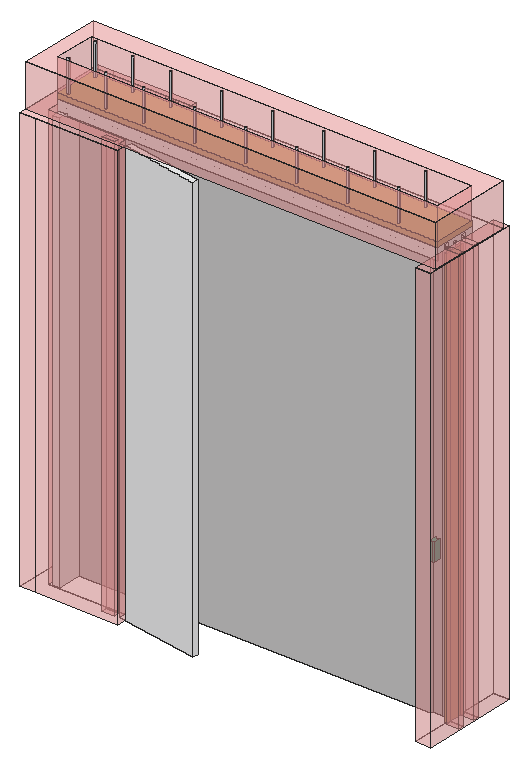
Revit family "Doors-Sliding_WON-DOOR_DuraSound_Manual_Floating_N", category Doors, host Wall, Revit 2020 (continued)
Nested families (in)
  nested 12: "Second Part" at (37.12234, 0, 0) x (-1, 0, 0) z (0, 0, 1), Open <- "Open", Backing Profile <- "Backing Profile Clearance ( by other )", Wall Construction <- "Wall Construction Clearance ( by other )", Stack Depth <- "Stack Depth", Double Door <- "Double Door", Single Door <- "Single Door", type "Second Part"
    with Wall for Single yes, Wall for Double no, Wall Construction yes, Stack Depth 1' - 11 1/4", Single Door yes, Open no, Geomentry for Double no, Double Door no, Door for Double no, Closed yes, Backing for Single yes, Backing for Double no, Backing Profile yes
  nested 13: "Rod_element" at (-37.375, 0, 123.125), type "Rod_element"
    with Rod Height 0' - 8 7/8"
  nested 14: "Rod_element" at (-12.35, 0, 123.125), type "Rod_element"
    with Rod Height 0' - 8 7/8"
  nested 15: "Rod_element" at (2.05, 0, 123.125), type "Rod_element"
    with Rod Height 0' - 8 7/8"
  nested 16: "Rod_element" at (16.45, 0, 123.125), type "Rod_element"
    with Rod Height 0' - 8 7/8"
  nested 17: "Rod_element" at (30.85, 0, 123.125), type "Rod_element"
    with Rod Height 0' - 8 7/8"
Definition of nested family "First Part Door"
  Parameters (values of type "First Part")
    Wall Construction [instance] = yes
    Trim Height [instance] = Height - 0' 1 3/8"  # 6' - 10 5/8"
    Stack Depth [instance] = 2' - 0"
    Open [instance] = yes
    Height [instance] = 7' - 0"
    Door Material [instance] = none
    Default Elevation = 4' - 0"
    Closed [instance] = not(Open)  # no
    Backing Profile [instance] = yes
  Reference planes (in)
    plane 1 "Center (Front/Back)": y = 0
    plane 2: z = 0
    plane 3: x = 0
    plane 4: x = -20.875
    plane 5: z = 84
    plane 6: z = 102.80246
    plane 7: z = 82.625
    plane 8: z = 39.5
    plane 9: z = 44.5
    plane 10 "Center (Left/Right)": x = 3.125
  Forms (in)
    Extrusion 1, solid
      sketch origin (-20.875, 17, 0) x (0, -1, 0) y (1, 0, 0)
        loop
          line (8.5, 0.5) -> (25.5, 0.5) -> (25.5, 2.5) -> (8.5, 2.5) -> (8.5, 0.5)
      from 0 to 82.625
    Extrusion 2, solid, material <- "Door Material", visible <- "Open", detail levels coarse
      sketch origin (-20.875, 17, 0) x (0, -1, 0) y (1, 0, 0)
        loop
          line (15.4375, 3.625) -> (15.4375, 2.5) -> (18.5625, 2.5) -> (18.5625, 3.625) -> (22.875, 3.625) -> (22.875, 22) -> (11.125, 22) -> (11.125, 3.625) -> (15.4375, 3.625)
      from 0 to 84
    Extrusion 3, solid, material <- "Door Material", visible <- "Open", detail levels fine
      sketch origin (0, 0, 0) x (1, 0, 0) y (0, 1, 0)
        loop
          line (-17.25, 1.5625) -> (-18.375, 1.5625) -> (-18.375, -1.5625) -> (-17.25, -1.5625) -> (-17.25, -5.875) -> (-3, -5.875) -> (-3, -0.875) -> (-0.08512, -0.875) -> (-0.08512, -1) -> (1.125, -1) -> (1.125, -0.875) -> (0, -0.875) -> (0, 0.875) -> (1.125, 0.875) -> (1.125, 1) -> (-0.08512, 1) -> (-0.08512, 0.875) -> (-3, 0.875) -> (-3, 5.875) -> (-17.25, 5.875) -> (-17.25, 1.5625)
      from 0 to 84
    Extrusion 4, solid, material <- "Door Material", visible <- "Open", detail levels medium
      sketch origin (0, 0, 0) x (1, 0, 0) y (0, 1, 0)
        loop
          line (-17.25, 5.875) -> (-17.25, 1.5625) -> (-18.375, 1.5625) -> (-18.375, -1.5625) -> (-17.25, -1.5625) -> (-17.25, -5.875) -> (-3, -5.875) -> (-3, -1) -> (1.125, -1) -> (1.125, 1) -> (-3, 1) -> (-3, 5.875) -> (-17.25, 5.875)
      from 0 to 84
    Extrusion 5, solid, visible <- "Open", detail levels medium
      sketch origin (0, 0, 0) x (1, 0, 0) y (0, 1, 0)
        loop
          line (-2.125, 1) -> (-1.125, 1) -> (-1.125, 3) -> (-2.125, 3) -> (-2.125, 1)
        loop
          line (-2.125, -1) -> (-2.125, -3) -> (-1.125, -3) -> (-1.125, -1) -> (-2.125, -1)
      from 39.5 to 44.5
    Extrusion 6, solid, visible <- "Open", detail levels fine
      sketch origin (0, 0, 0) x (1, 0, 0) y (0, 1, 0)
        loop
          line (-2.125, 0.875) -> (-1.125, 0.875) -> (-1.125, 2.675)
          arc (-1.125, 2.675) -> (-1.18358, 2.81642) -> (-1.325, 2.875) r 0.2
          line (-1.325, 2.875) -> (-1.925, 2.875)
          arc (-1.925, 2.875) -> (-2.06642, 2.81642) -> (-2.125, 2.675) r 0.2
          line (-2.125, 2.675) -> (-2.125, 0.875)
        loop
          line (-2.125, -0.875) -> (-2.125, -2.675)
          arc (-2.125, -2.675) -> (-2.06642, -2.81642) -> (-1.925, -2.875) r 0.2
          line (-1.925, -2.875) -> (-1.325, -2.875)
          arc (-1.325, -2.875) -> (-1.18358, -2.81642) -> (-1.125, -2.675) r 0.2
          line (-1.125, -2.675) -> (-1.125, -0.875) -> (-2.125, -0.875)
      from 39.5 to 44.5
    Extrusion 7, solid, visible <- "Wall Construction"
      sketch origin (0, 0, 0) x (1, 0, 0) y (0, 1, 0)
        loop
          line (1.5, 11) -> (3.125, 11) -> (3.125, 13.875) -> (-20.875, 13.875) -> (-25.25, 13.875) -> (-25.25, -13.875) -> (-20.875, -13.875) -> (3.125, -13.875) -> (3.125, -11) -> (1.5, -11) -> (1.5, -9) -> (-20.875, -9) -> (-20.875, 9) -> (1.5, 9) -> (1.5, 11)
      from 0 to 84
    Extrusion 8, solid, visible <- "Open"
      sketch origin (0, 0, 0) x (1, 0, 0) y (0, 1, 0)
        loop
          line (3.125, -11) -> (3.125, 11) -> (1.5, 11) -> (1.5, -11) -> (3.125, -11)
      from 0 to 84
    Extrusion 9, solid, visible <- "Closed"
      sketch origin (0, 0, 0) x (1, 0, 0) y (0, 1, 0)
        loop
          line (24.8275, -14.60579) -> (25.09383, -13.00276) -> (3.39134, -9.39697) -> (3.125, -11) -> (24.8275, -14.60579)
      from 0 to 84
    Extrusion 10, solid, visible <- "Backing Profile"
      sketch origin (0, 0, 0) x (1, 0, 0) y (0, 1, 0)
        loop
          line (-3.5, 11.25) -> (-3.5, 9.625) -> (0.125, 9.625) -> (0.125, 11.25) -> (-3.5, 11.25)
        loop
          line (-3.5, -9.625) -> (-3.5, -11.25) -> (0.125, -11.25) -> (0.125, -9.625) -> (-3.5, -9.625)
      from 0 to 84
  Lines and regions (in)
    reference lines
      curve 1: line (-20.875, 17, 0) -> (-20.875, 0, 0)
  Dimensions and locks (in)
    locked: curve 1 to curve 1 at 17
    "Height": plane 5 to level
    plane 6 to plane 5 = 1' - 6.80246"
    locked: Extrusion 2 sketch curve to Extrusion 2 sketch curve at 1.125  (x2)
    "Trim Height": plane 7 to plane 2
    locked: Extrusion 4 sketch curve to Extrusion 4 sketch curve at 1.125  (x2)
    locked: plane 3 to Extrusion 2 sketch curve at 1.125
    locked: plane 3 to Extrusion 4 sketch curve at 1.125
    locked: plane 3 to Extrusion 3 sketch curve at 1.125  (x2)
    locked: Extrusion 3 sketch curve to plane 3 at 3  (x2)
    locked: Extrusion 3 sketch curve to plane 3 at 0.08512  (x2)
    locked: Extrusion 5 sketch curve to Extrusion 5 sketch curve at 1  (x2)
    Extrusion 5 sketch curve to Extrusion 5 sketch curve to Extrusion 5 sketch curve to Extrusion 5 sketch curve = 0' - 2" locked, 0' - 2" locked, 0' - 2" locked
    locked: Extrusion 5 sketch curve to plane 3 at 1.125  (x2)
    locked: plane 9 to plane 8 at 5
    locked: plane 8 to level at 39.5
    locked: Extrusion 6 sketch curve to Extrusion 6 sketch curve at 1  (x2)
    Extrusion 6 sketch curve to Extrusion 6 sketch curve to Extrusion 6 sketch curve to Extrusion 6 sketch curve = 0' - 2" locked, 0' - 1 3/4" locked, 0' - 2" locked
    locked: Extrusion 6 sketch curve to plane 3 at 1.125  (x2)
    Extrusion 6 sketch curve to Extrusion 6 sketch curve to Extrusion 6 sketch curve = 0' - 0.2" locked, 0' - 0.6" locked  (x2)
    locked: Extrusion 6 sketch curve to Extrusion 6 sketch curve at 0.2  (x4)
    "Stack Depth": plane 4 to plane 10 "Center (Left/Right)"
    locked: Extrusion 1 sketch curve to Extrusion 1 sketch curve at 2
    locked: plane 4 to Extrusion 4 sketch curve at 2.5
    locked: Extrusion 3 sketch curve to Extrusion 3 sketch curve at 1.125  (x2)
    locked: plane 4 to Extrusion 3 sketch curve at 2.5
    locked: plane 4 to Extrusion 2 sketch curve at 2.5
    locked: Extrusion 7 sketch curve to plane 10 "Center (Left/Right)" at 1.625  (x2)
    locked: Extrusion 7 sketch curve to plane 4 at 4.375
    locked: Extrusion 8 sketch curve to Extrusion 8 sketch curve at 1.625
    locked: plane 10 "Center (Left/Right)" to Extrusion 9 sketch curve at 0.26634
    locked: plane 10 "Center (Left/Right)" to Extrusion 9 sketch curve at 21.7025
    locked: plane 10 "Center (Left/Right)" to Extrusion 9 sketch curve at 21.96883
    Extrusion 10 sketch curve to Extrusion 10 sketch curve to plane 10 "Center (Left/Right)" = 0' - 3 5/8" locked, 0' - 3" locked  (x2)
    aligned and locked: plane 2 to level
    aligned and locked: curve 1 to plane 4
    aligned and locked: plane 1 "Center (Front/Back)" to curve 1
    aligned and locked: plane 7 to Extrusion 1
    aligned and locked: Extrusion 3 sketch curve to plane 3
    aligned and locked: Extrusion 3 to level
    aligned and locked: plane 5 to Extrusion 3
    aligned and locked: plane 5 to Extrusion 4
    aligned and locked: Extrusion 4 to level
    aligned and locked: plane 9 to Extrusion 5
    aligned and locked: Extrusion 5 to plane 8
    aligned and locked: plane 9 to Extrusion 6
    aligned and locked: Extrusion 6 to plane 8
    aligned and locked: plane 5 to Extrusion 2
    aligned and locked: plane 10 "Center (Left/Right)" to Extrusion 7 sketch curve  (x2)
    aligned and locked: plane 4 to Extrusion 7 sketch curve
    aligned and locked: plane 10 "Center (Left/Right)" to Extrusion 8 sketch curve
    aligned and locked: plane 10 "Center (Left/Right)" to Extrusion 9 sketch curve
    aligned and locked: plane 5 to Extrusion 7
    aligned and locked: plane 5 to Extrusion 9
    aligned and locked: plane 5 to Extrusion 10
    aligned and locked: plane 5 to Extrusion 8
  Automatic sketch dimensions
    plane 1 "Center (Front/Back)" to Extrusion 5 sketch curve = 0' - 3"
    plane 1 "Center (Front/Back)" to Extrusion 6 sketch curve = 0' - 2 7/8"
    Extrusion 1 sketch curve to curve 1 = 0' - 8 1/2"
    Extrusion 1 sketch curve to curve 1 = 0' - 0 1/2"
    curve 1 to Extrusion 1 sketch curve = 0' - 8 1/2"
    Extrusion 4 sketch curve to plane 3 = 0' - 3"  (x2)
    plane 1 "Center (Front/Back)" to Extrusion 4 sketch curve = 0' - 5 7/8"
    plane 1 "Center (Front/Back)" to Extrusion 4 sketch curve = 0' - 1 9/16"
    plane 1 "Center (Front/Back)" to Extrusion 4 sketch curve = 0' - 1"
    Extrusion 4 sketch curve to plane 1 "Center (Front/Back)" = 0' - 1"
    Extrusion 4 sketch curve to plane 1 "Center (Front/Back)" = 0' - 1 9/16"
    Extrusion 4 sketch curve to Extrusion 4 sketch curve = 0' - 4 7/8"
    plane 1 "Center (Front/Back)" to Extrusion 3 sketch curve = 0' - 5 7/8"
    plane 1 "Center (Front/Back)" to Extrusion 3 sketch curve = 0' - 1 9/16"
    plane 1 "Center (Front/Back)" to Extrusion 3 sketch curve = 0' - 1"
    Extrusion 3 sketch curve to Extrusion 3 sketch curve = 0' - 0 1/8"  (x3)
    Extrusion 3 sketch curve to plane 1 "Center (Front/Back)" = 0' - 0 7/8"  (x2)
    Extrusion 3 sketch curve to plane 1 "Center (Front/Back)" = 0' - 1 9/16"
    Extrusion 3 sketch curve to Extrusion 3 sketch curve = 0' - 5"
    Extrusion 2 sketch curve to curve 1 = 0' - 5 7/8"
    Extrusion 2 sketch curve to curve 1 = 0' - 1 9/16"
    curve 1 to Extrusion 2 sketch curve = 0' - 1 9/16"
    curve 1 to Extrusion 2 sketch curve = 0' - 5 7/8"
    plane 1 "Center (Front/Back)" to Extrusion 8 sketch curve = 0' - 11"
    Extrusion 8 sketch curve to plane 1 "Center (Front/Back)" = 0' - 11"
    plane 1 "Center (Front/Back)" to Extrusion 9 sketch curve = 0' - 9.39697"
    Extrusion 9 sketch curve to Extrusion 9 sketch curve = 0' - 1.60303"
    plane 1 "Center (Front/Back)" to Extrusion 10 sketch curve = 0' - 11 1/4"
    Extrusion 10 sketch curve to Extrusion 10 sketch curve = 0' - 1 5/8"  (x2)
    Extrusion 10 sketch curve to plane 1 "Center (Front/Back)" = 0' - 9 5/8"
    Extrusion 7 sketch curve to plane 4 = 0' - 0"  (x4)
    plane 1 "Center (Front/Back)" to Extrusion 7 sketch curve = 1' - 1 7/8"  (x2)
    Extrusion 7 sketch curve to Extrusion 7 sketch curve = 0' - 2 7/8"
    Extrusion 7 sketch curve to Extrusion 7 sketch curve = 0' - 4 7/8"  (x2)
    Extrusion 7 sketch curve to plane 1 "Center (Front/Back)" = 0' - 9"
    Extrusion 7 sketch curve to Extrusion 7 sketch curve = 0' - 2"
    Extrusion 7 sketch curve to Extrusion 7 sketch curve = 0' - 0"
Definition of nested family "Second Part Door"
  Parameters (values of type "Second Part")
    Wall for Single [instance] = if(and(Wall Construction, Single Door), 1 = 1, 1 = 2)  # yes
    Wall for Double Door [instance] = if(and(Wall Construction, Double Door), 1 = 1, 1 = 2)  # yes
    Wall Construction [instance] = yes
    Trim Height [instance] = Height - 0' 1 3/8"  # 6' - 10 5/8"
    Stack Depth [instance] = 2' - 0"
    Single Door [instance] = yes
    Open Door [instance] = if(and(Closed, Double Door), 1 = 1, 1 = 2)  # no
    Open [instance] = yes
    Height [instance] = 7' - 0"
    Double Door [instance] = yes
    Door Geometry for Double [instance] = if(and(Open, Double Door), 1 = 1, 1 = 2)  # yes
    Door Finish [instance] = none
    Default Elevation = 4' - 0"
    Closed [instance] = not(Open)  # no
    Clear Opening Width [instance] = 3' - 0"
    Backing for Single [instance] = if(and(Backing Profile, Single Door), 1 = 1, 1 = 2)  # yes
    Backing for Double [instance] = if(and(Backing Profile, Double Door), 1 = 1, 1 = 2)  # yes
    Backing Profile [instance] = yes
  Reference planes (in)
    plane 1 "Center (Front/Back)": y = 0
    plane 2: z = 0
    plane 3 "1": x = 0
    plane 4: x = -20.875
    plane 5 "Center (Left/Right)": x = 3.125
    plane 6: z = 84
    plane 7: z = 102.80246
    plane 8: z = 82.625
    plane 9: z = 39.5
    plane 10: z = 44.5
  Forms (in)
    Extrusion 1, solid, visible <- "Single Door"
      sketch origin (-20.875, 17, 0) x (0, -1, 0) y (1, 0, 0)
        loop
          line (14.25, 0) -> (19.75, 0) -> (19.75, 0.75) -> (14.25, 0.75) -> (14.25, 0)
      from 0 to 82.625
    Extrusion 2, solid, visible <- "Wall for Double Door"
      sketch origin (-20.875, 17, 0) x (0, -1, 0) y (1, 0, 0)
        loop
          line (5.99817, 22.37158) -> (5.99817, 24) -> (3.12317, 24) -> (3.12317, 0) -> (3.12317, -4.37842) -> (30.87317, -4.37842) -> (30.87317, 0) -> (30.87317, 24) -> (27.99817, 24) -> (27.99817, 22.37158) -> (25.99817, 22.37158) -> (25.99817, 0) -> (7.99817, 0) -> (7.99817, 22.37158) -> (5.99817, 22.37158)
      from 0 to 84
    Extrusion 3, solid, material <- "Door Finish", visible <- "Door Geometry for Double", detail levels coarse
      sketch origin (-20.875, 17, 0) x (0, -1, 0) y (1, 0, 0)
        loop
          line (15.4375, 3.625) -> (15.4375, 2.5) -> (18.5625, 2.5) -> (18.5625, 3.625) -> (22.875, 3.625) -> (22.875, 20.875) -> (11.125, 20.875) -> (11.125, 3.625) -> (15.4375, 3.625)
      from 0 to 84
    Extrusion 4, solid, visible <- "Single Door"
      sketch origin (-20.875, 17, 0) x (0, -1, 0) y (1, 0, 0)
        loop
          line (16.125, 0.75) -> (17.875, 0.75) -> (17.875, 2.5) -> (16.125, 2.5) -> (16.125, 0.75)
      from 0 to 84
    Extrusion 5, solid, material <- "Door Finish", visible <- "Door Geometry for Double", detail levels medium+fine
      sketch origin (0, 0, 0) x (1, 0, 0) y (0, 1, 0)
        loop
          line (-17.25, 5.875) -> (-17.25, 1.5625) -> (-18.37878, 1.5625) -> (-18.37878, -1.5625) -> (-17.25, -1.5625) -> (-17.25, -5.875) -> (-3, -5.875) -> (-3, -0.875) -> (0, -0.875) -> (0, 0.875) -> (-3, 0.875) -> (-3, 5.875) -> (-17.25, 5.875)
      from 0 to 84
    Extrusion 6, solid, visible <- "Door Geometry for Double", detail levels medium
      sketch origin (0, 0, 0) x (1, 0, 0) y (0, 1, 0)
        loop
          line (-2.125, 0.875) -> (-1.125, 0.875) -> (-1.125, 2.875) -> (-2.125, 2.875) -> (-2.125, 0.875)
        loop
          line (-2.125, -0.875) -> (-2.125, -2.875) -> (-1.125, -2.875) -> (-1.125, -0.875) -> (-2.125, -0.875)
      from 39.5 to 44.5
    Extrusion 7, solid, visible <- "Door Geometry for Double", detail levels fine
      sketch origin (0, 0, 0) x (1, 0, 0) y (0, 1, 0)
        loop
          line (-2.125, 0.875) -> (-1.125, 0.875) -> (-1.125, 2.675)
          arc (-1.125, 2.675) -> (-1.18358, 2.81642) -> (-1.325, 2.875) r 0.2
          line (-1.325, 2.875) -> (-1.925, 2.875)
          arc (-1.925, 2.875) -> (-2.06642, 2.81642) -> (-2.125, 2.675) r 0.2
          line (-2.125, 2.675) -> (-2.125, 0.875)
        loop
          line (-2.125, -0.875) -> (-2.125, -2.675)
          arc (-2.125, -2.675) -> (-2.06642, -2.81642) -> (-1.925, -2.875) r 0.2
          line (-1.925, -2.875) -> (-1.325, -2.875)
          arc (-1.325, -2.875) -> (-1.18358, -2.81642) -> (-1.125, -2.675) r 0.2
          line (-1.125, -2.675) -> (-1.125, -0.875) -> (-2.125, -0.875)
      from 39.5 to 44.5
    Extrusion 8, solid, visible <- "Backing for Double"
      sketch origin (0, 0, 0) x (1, 0, 0) y (0, 1, 0)
        loop
          line (-3.5058, 11.24878) -> (-3.5058, 9.62378) -> (0.1192, 9.62378) -> (0.1192, 11.24878) -> (-3.5058, 11.24878)
        loop
          line (-3.5058, -9.62622) -> (-3.5058, -11.25122) -> (0.1192, -11.25122) -> (0.1192, -9.62622) -> (-3.5058, -9.62622)
      from 0 to 84
    Extrusion 9, solid, visible <- "Double Door"
      sketch origin (-20.875, 17, 0) x (0, -1, 0) y (1, 0, 0)
        loop
          line (8.50729, 0.49622) -> (25.50729, 0.49622) -> (25.50729, 2.49622) -> (8.50729, 2.49622) -> (8.50729, 0.49622)
      from 0 to 84
    Extrusion 10, solid, visible <- "Wall for Single"
      sketch origin (-20.875, 17, 0) x (0, -1, 0) y (1, 0, 0)
        loop
          line (3.12317, -4.37842) -> (30.87317, -4.37842) -> (30.87317, 0) -> (3.12317, 0) -> (3.12317, -4.37842)
      from 0 to 84
    Extrusion 11, solid, visible <- "Backing for Single"
      sketch origin (-20.875, 17, 0) x (0, -1, 0) y (1, 0, 0)
        loop
          line (15.1875, -4.00171) -> (15.1875, -0.37671) -> (13.5625, -0.37671) -> (13.5625, -4.00171) -> (15.1875, -4.00171)
        loop
          line (20.4375, -4.00171) -> (20.4375, -0.37671) -> (18.8125, -0.37671) -> (18.8125, -4.00171) -> (20.4375, -4.00171)
      from 0 to 84
    Extrusion 12, solid, visible <- "Door Geometry for Double"
      sketch origin (0, 0, 0) x (1, 0, 0) y (0, 1, 0)
        loop
          line (1.49658, 11.00183) -> (1.49658, -10.99817) -> (3.125, -10.99817) -> (3.125, 11.00183) -> (1.49658, 11.00183)
      from 0 to 84
    Extrusion 13, solid, visible <- "Open Door"
      sketch origin (0, 0, 0) x (1, 0, 0) y (0, 1, 0)
        loop
          line (24.8275, -14.60396) -> (25.09383, -13.00093) -> (3.39134, -9.39514) -> (3.125, -10.99817) -> (24.8275, -14.60396)
      from 0 to 84
  Lines and regions (in)
    reference lines
      curve 1: line (-20.875, 17, 0) -> (-20.875, 0, 0)
  Dimensions and locks (in)
    locked: curve 1 to curve 1 at 17
    "Height": plane 6 to level
    plane 7 to plane 6 = 1' - 6.80246"
    "Trim Height": plane 8 to plane 2
    locked: Extrusion 4 sketch curve to Extrusion 4 sketch curve at 1.75  (x2)
    locked: Extrusion 5 sketch curve to plane 3 "1" at 3  (x2)
    locked: Extrusion 6 sketch curve to Extrusion 6 sketch curve at 1  (x2)
    Extrusion 6 sketch curve to Extrusion 6 sketch curve to Extrusion 6 sketch curve to Extrusion 6 sketch curve = 0' - 2" locked, 0' - 1 3/4" locked, 0' - 2" locked
    locked: Extrusion 7 sketch curve to Extrusion 7 sketch curve at 1  (x2)
    Extrusion 7 sketch curve to Extrusion 7 sketch curve to Extrusion 7 sketch curve to Extrusion 7 sketch curve = 0' - 2" locked, 0' - 1 3/4" locked, 0' - 2" locked
    Extrusion 7 sketch curve to Extrusion 7 sketch curve to Extrusion 7 sketch curve = 0' - 0.2" locked, 0' - 0.6" locked  (x2)
    locked: Extrusion 7 sketch curve to Extrusion 7 sketch curve at 0.2  (x4)
    locked: Extrusion 7 sketch curve to plane 3 "1" at 1.125  (x2)
    locked: Extrusion 6 sketch curve to plane 3 "1" at 1.125  (x2)
    locked: plane 10 to plane 9 at 5
    locked: plane 2 to plane 9 at 39.5
    "Stack Depth": plane 4 to plane 5 "Center (Left/Right)"
    locked: Extrusion 2 sketch curve to plane 4 at 4.37842
    locked: Extrusion 2 sketch curve to plane 5 "Center (Left/Right)" at 1.62842  (x2)
    locked: Extrusion 8 sketch curve to Extrusion 8 sketch curve at 3.625  (x2)
    locked: Extrusion 8 sketch curve to plane 5 "Center (Left/Right)" at 3.0058  (x2)
    locked: Extrusion 9 sketch curve to Extrusion 9 sketch curve at 2
    locked: Extrusion 5 sketch curve to Extrusion 5 sketch curve at 1.12878  (x2)
    locked: Extrusion 2 to Extrusion 5 sketch curve at 2.49622
    locked: Extrusion 3 sketch curve to Extrusion 3 sketch curve at 1.125  (x2)
    locked: plane 4 to Extrusion 3 sketch curve at 2.5
    locked: Extrusion 12 sketch curve to Extrusion 12 sketch curve at 1.62842
    locked: plane 5 "Center (Left/Right)" to Extrusion 13 sketch curve at 0.26634
    locked: plane 5 "Center (Left/Right)" to Extrusion 13 sketch curve at 21.7025
    locked: plane 5 "Center (Left/Right)" to Extrusion 13 sketch curve at 21.96883
    aligned and locked: plane 2 to level
    aligned and locked: curve 1 to plane 4
    aligned and locked: plane 1 "Center (Front/Back)" to curve 1
    aligned and locked: plane 6 to Extrusion 2
    aligned and locked: plane 8 to Extrusion 1
    aligned and locked: plane 6 to Extrusion 3
    aligned and locked: plane 3 "1" to Extrusion 3
    aligned and locked: Extrusion 4 to plane 2
    aligned and locked: plane 6 to Extrusion 4
    aligned and locked: Extrusion 5 sketch curve to plane 3 "1"
    aligned and locked: Extrusion 5 to level
    aligned and locked: plane 6 to Extrusion 5
    aligned and locked: plane 10 to Extrusion 7
    aligned and locked: Extrusion 7 to plane 9
    aligned and locked: plane 10 to Extrusion 6
    aligned and locked: Extrusion 6 to plane 9
    aligned and locked: plane 4 to Extrusion 2 sketch curve
    aligned and locked: plane 5 "Center (Left/Right)" to Extrusion 2 sketch curve  (x2)
    aligned and locked: Extrusion 10 sketch curve to plane 4
    aligned and locked: Extrusion 12 sketch curve to plane 5 "Center (Left/Right)"
    aligned and locked: plane 5 "Center (Left/Right)" to Extrusion 13 sketch curve
    aligned and locked: plane 6 to Extrusion 10
    aligned and locked: plane 6 to Extrusion 11
    aligned and locked: plane 6 to Extrusion 9
    aligned and locked: plane 6 to Extrusion 8
    aligned and locked: plane 6 to Extrusion 12
    aligned and locked: plane 6 to Extrusion 13
  Automatic sketch dimensions
    Extrusion 1 sketch curve to curve 1 = 0' - 0"
    Extrusion 1 sketch curve to curve 1 = 0' - 2 3/4"
    Extrusion 1 sketch curve to curve 1 = 0' - 0 3/4"
    curve 1 to Extrusion 1 sketch curve = 0' - 2 3/4"
    Extrusion 4 sketch curve to curve 1 = 0' - 0 7/8"
    Extrusion 4 sketch curve to curve 1 = 0' - 0 3/4"
    Extrusion 6 sketch curve to plane 1 "Center (Front/Back)" = 0' - 0 7/8"
    Extrusion 7 sketch curve to plane 1 "Center (Front/Back)" = 0' - 0 7/8"
    plane 1 "Center (Front/Back)" to Extrusion 8 sketch curve = 0' - 11.25122"
    Extrusion 8 sketch curve to Extrusion 8 sketch curve = 0' - 1 5/8"  (x2)
    Extrusion 8 sketch curve to plane 1 "Center (Front/Back)" = 0' - 9.62378"
    Extrusion 9 sketch curve to curve 1 = 0' - 2.49622"
    Extrusion 9 sketch curve to curve 1 = 0' - 8.49271"
    curve 1 to Extrusion 9 sketch curve = 0' - 8.50729"
    plane 1 "Center (Front/Back)" to Extrusion 5 sketch curve = 0' - 5 7/8"
    plane 1 "Center (Front/Back)" to Extrusion 5 sketch curve = 0' - 1 9/16"
    plane 1 "Center (Front/Back)" to Extrusion 5 sketch curve = 0' - 0 7/8"
    Extrusion 5 sketch curve to plane 1 "Center (Front/Back)" = 0' - 0 7/8"
    Extrusion 5 sketch curve to plane 1 "Center (Front/Back)" = 0' - 1 9/16"
    Extrusion 5 sketch curve to Extrusion 5 sketch curve = 0' - 5"
    Extrusion 3 sketch curve to curve 1 = 0' - 5 7/8"
    Extrusion 3 sketch curve to curve 1 = 0' - 1 9/16"
    curve 1 to Extrusion 3 sketch curve = 0' - 1 9/16"
    curve 1 to Extrusion 3 sketch curve = 0' - 5 7/8"
    curve 1 to Extrusion 3 sketch curve = 1' - 8 7/8"
    curve 1 to Extrusion 11 sketch curve = 0' - 0.37671"  (x2)
    Extrusion 11 sketch curve to curve 1 = 0' - 3 7/16"
    curve 1 to Extrusion 11 sketch curve = 0' - 1 13/16"
    Extrusion 11 sketch curve to curve 1 = 0' - 4.00171"
    curve 1 to Extrusion 11 sketch curve = 0' - 4.00171"
    Extrusion 11 sketch curve to Extrusion 11 sketch curve = 0' - 1 5/8"  (x2)
    plane 1 "Center (Front/Back)" to Extrusion 12 sketch curve = 0' - 10.99817"
    Extrusion 12 sketch curve to plane 1 "Center (Front/Back)" = 0' - 11.00183"
    plane 1 "Center (Front/Back)" to Extrusion 13 sketch curve = 1' - 2.60396"
    Extrusion 13 sketch curve to Extrusion 13 sketch curve = 0' - 1.60303"
    Extrusion 2 sketch curve to curve 1 = 0' - 0"  (x4)
    curve 1 to Extrusion 2 sketch curve = 0' - 3.12317"
    Extrusion 2 sketch curve to Extrusion 2 sketch curve = 0' - 0"  (x2)
    Extrusion 2 sketch curve to Extrusion 2 sketch curve = 0' - 2 7/8"  (x2)
    Extrusion 2 sketch curve to Extrusion 2 sketch curve = 0' - 2"  (x2)
    curve 1 to Extrusion 2 sketch curve = 0' - 8.99817"
    curve 1 to Extrusion 10 sketch curve = 0' - 3.12317"
    curve 1 to Extrusion 10 sketch curve = 1' - 1.87317"
    Extrusion 10 sketch curve to curve 1 = 0' - 4.37842"
Definition of nested family "Rod_element"
  Parameters (values of type "Rod_element")
    Vis Rod = yes
    Rod Radius = 0' - 0 1/4"  # constant formula
    Rod Height = 0' - 10 3/8"
    Rod Center Position for Depth = 0' - 9 1/2"  # constant formula
    Rod Start = 0' - 0"  # constant formula
    Default Elevation = 4' - 0"
  Reference planes (in)
    plane 1 "Center (Front/Back)": y = 0
    plane 2: z = 0
    plane 3 "Center (Left/Right)": x = 0
    plane 4: y = 4.75
    plane 5: y = -4.75
    plane 6: x = 0
    plane 7: z = 10.375
  Forms (in)
    Extrusion 1, solid, visible <- "Vis Rod", detail levels medium+fine
      sketch origin (59, 0, 0) x (1, 0, 0) y (0, 1, 0)
        loop
          circle (-59, 4.75) r 0.25
        loop
          circle (-59, -4.75) r 0.25
      from 0 <- "Rod Start" to 10.375 <- "Rod Height"
    Extrusion 2, solid, visible <- "Vis Rod", detail levels coarse
      sketch origin (19, 0, 0) x (1, 0, 0) y (0, 1, 0)
        loop
          line (-19.25, 4.5) -> (-18.75, 4.5) -> (-18.75, 5) -> (-19.25, 5) -> (-19.25, 4.5)
        loop
          line (-19.25, -4.5) -> (-19.25, -5) -> (-18.75, -5) -> (-18.75, -4.5) -> (-19.25, -4.5)
      from 0 <- "Rod Start" to 10.375 <- "Rod Height"
  Lines and regions (in)
    symbolic lines, visible <- "Vis Rod", detail levels coarse
      curve 1: line (-0.25, 5, 0) -> (-0.25, 4.5, 0)
      curve 2: line (0.25, 5, 0) -> (-0.25, 5, 0)
      curve 3: line (0.25, 4.5, 0) -> (0.25, 5, 0)
      curve 4: line (-0.25, 4.5, 0) -> (0.25, 4.5, 0)
      curve 5: line (0.25, -4.5, 0) -> (-0.25, -4.5, 0)
      curve 6: line (0.25, -5, 0) -> (0.25, -4.5, 0)
      curve 7: line (-0.25, -5, 0) -> (0.25, -5, 0)
      curve 8: line (-0.25, -4.5, 0) -> (-0.25, -5, 0)
    symbolic lines, visible <- "Vis Rod", detail levels medium+fine
      curve 9: arc (0.25, 4.75, 0) -> (0, 5, 0) -> (-0.25, 4.75, 0) r 0.25
      curve 10: arc (-0.25, 4.75, 0) -> (0, 4.5, 0) -> (0.25, 4.75, 0) r 0.25
      curve 11: arc (0.25, -4.75, 0) -> (0, -4.5, 0) -> (-0.25, -4.75, 0) r 0.25
      curve 12: arc (-0.25, -4.75, 0) -> (0, -5, 0) -> (0.25, -4.75, 0) r 0.25
  Dimensions and locks (in)
    equal spacing: plane 4, plane 1 "Center (Front/Back)", plane 5
    "Rod Center Position for Depth": plane 4 to plane 5
    "Rod Height": plane 7 to plane 2
    locked: Extrusion 2 sketch curve to Extrusion 2 sketch curve at 0.5  (x4)
    "Rod Radius": radius of Extrusion 1 sketch curve  (x2)
    aligned and locked: plane 2 to level
    aligned and locked: Extrusion 2 sketch curve to Extrusion 2 sketch curve
    aligned and locked: curve 1 to Extrusion 2
    aligned and locked: curve 2 to Extrusion 2
    aligned and locked: curve 3 to Extrusion 2
    aligned and locked: curve 4 to Extrusion 2
    aligned and locked: curve 5 to Extrusion 2
    aligned and locked: curve 6 to Extrusion 2
    aligned and locked: curve 7 to Extrusion 2
    aligned and locked: curve 8 to Extrusion 2
    aligned and locked: curve 9 to Extrusion 1
    aligned and locked: curve 10 to Extrusion 1
    aligned and locked: curve 11 to Extrusion 1
    aligned and locked: curve 12 to Extrusion 1
  Automatic sketch dimensions
    curve 9 to curve 10 = 0' - 0"  (x4)
    curve 11 to curve 12 = 0' - 0"  (x4)
    curve 1 to curve 5 = 0' - 9 1/2"
    curve 11 to curve 12 = 0' - 0 1/4"
    curve 1 to curve 9 = 0' - 0.35355"  (x2)
    curve 9 to curve 4 = 0' - 0.35355"
    curve 7 to curve 12 = 0' - 0.35355"
    curve 11 to curve 6 = 0' - 0 1/4"
    curve 5 to curve 4 = 0' - 9"
    curve 9 to curve 2 = 0' - 0 1/4"  (x2)
    curve 10 to curve 9 = 0' - 0"
    curve 11 to plane 5 = 0' - 0"
    curve 10 to plane 4 = 0' - 0"
    curve 10 to plane 3 "Center (Left/Right)" = 0' - 0"
    curve 11 to plane 3 "Center (Left/Right)" = 0' - 0"
    curve 7 to plane 3 "Center (Left/Right)" = 0' - 0 1/4"
    curve 4 to plane 3 "Center (Left/Right)" = 0' - 0 1/4"
    curve 6 to curve 11 = 0' - 0 1/4"
    plane 5 to curve 6 = 0' - 0 1/4"
    curve 3 to plane 4 = 0' - 0 1/4"
    Extrusion 2 sketch curve to plane 3 "Center (Left/Right)" = 0' - 0 1/4"
    Extrusion 2 sketch curve to plane 5 = 0' - 0 1/4"
    Extrusion 2 sketch curve to plane 4 = 0' - 0 1/4"
    Extrusion 1 sketch curve to plane 3 "Center (Left/Right)" = 0' - 0"  (x2)
    Extrusion 1 sketch curve to plane 5 = 0' - 0"
    Extrusion 1 sketch curve to plane 4 = 0' - 0"
Definition of nested family "Warning"
  Parameters (values of type "Warning")
    Default Elevation = 4' - 0"
  Reference planes (in)
    plane 1 "Center (Front/Back)": y = 0
    plane 2: z = 0
    plane 3 "Center (Left/Right)": x = 0
  Forms (in)
    Extrusion 1, solid
      sketch origin (0, 0, 0) x (1, 0, 0) y (0, 1, 0)
        loop
          line (-48, 48) -> (-48, -48) -> (48, -48) -> (48, 48) -> (-48, 48)
      from 0 to -12
    Extrusion 2, solid
      sketch origin (0, 0, 0) x (1, 0, 0) y (0, 1, 0)
        loop
          line (-13.71963, -13.77547) -> (13.71963, -13.77547)
          arc (13.71963, -13.77547) -> (15.35981, -12.82851) -> (15.35981, -10.93458) r 1.89393
          line (15.35981, -10.93458) -> (1.64019, 12.82851)
          arc (1.64019, 12.82851) -> (0, 13.77547) -> (-1.64019, 12.82851) r 1.89393
          line (-1.64019, 12.82851) -> (-15.35981, -10.93458)
          arc (-15.35981, -10.93458) -> (-15.35981, -12.82851) -> (-13.71963, -13.77547) r 1.89393
        loop
          line (12.62617, -11.25024) -> (1.09346, 8.725)
          arc (1.09346, 8.725) -> (0, 9.35631) -> (-1.09346, 8.725) r 1.26262
          line (-1.09346, 8.725) -> (-12.62617, -11.25024) -> (12.62617, -11.25024)
        loop
          circle (0, -8.14849) r 1.26262
        loop
          arc (-0.54266, 3.12354) -> (-1.51431, -0.94888) -> (0, -4.85216) r 7.03484
          arc (0, -4.85216) -> (1.51431, -0.94888) -> (0.54266, 3.12354) r 7.03484
          arc (0.54266, 3.12354) -> (0, 3.43224) -> (-0.54266, 3.12354) r 0.63131
      from 0 to 0.25
  Lines and regions (in)
    Masking region 1
      outline origin (0, 0, 0) x (1, 0, 0) y (0, 0, 1)
        loop
          line (-15.61355, 0.25) -> (-15.61355, 0) -> (15.61355, 0) -> (15.61355, 0.25) -> (-15.61355, 0.25)
  Dimensions and locks (in)
    aligned and locked: plane 2 to Extrusion 1
    aligned and locked: level to Extrusion 1
Definition of nested family "First Part"
  Parameters (values of type "First Part")
    Wall Construction [instance] = yes
    Stack Depth [instance] = 1' - 6"
    Open [instance] = yes
    Closed [instance] = not(Open)  # no
    Backing Profile [instance] = no
  Reference planes (in)
    plane 1 "Center (Front/Back)": y = 0
    plane 2: z = 0
    plane 3 "1": x = 0
    plane 4: x = -14.87766
    plane 5 "Center (Left/Right)": x = 3.12234
  Lines and regions (in)
    Masking region 1, in view "Ref. Level", visible <- "Open"
      outline origin (-14.87766, 35, 0) x (0, -1, 0) y (1, 0, 0)
        loop
          line (26.5, 0.5) -> (43.5, 0.5) -> (43.5, 2.5) -> (26.5, 2.5) -> (26.5, 0.5)
    Masking region 2, in view "Ref. Level", visible <- "Open"
      outline origin (0, 0, 0) x (1, 0, 0) y (0, 1, 0)
        loop
          line (-14.87766, 9) -> (-14.87766, -9) -> (1.49734, -9) -> (1.49734, -11) -> (3.12234, -11) -> (3.12234, 11) -> (1.49734, 11) -> (1.49734, 9) -> (-14.87766, 9)
    Masking region 3, in view "Ref. Level", visible <- "Open", detail levels fine
      outline origin (-14.87766, 35, 0) x (0, -1, 0) y (1, 0, 0)
        loop
          line (33.42144, 2.5) -> (33.54644, 2.5) -> (33.54644, 2.53125) -> (33.45269, 2.53125) -> (33.45269, 2.96875) -> (34.89019, 2.96875) -> (34.89019, 2.53125) -> (34.79644, 2.53125) -> (34.79644, 2.5) -> (34.92144, 2.5) -> (34.92144, 3) -> (34.23295, 3) -> (34.23295, 3.69188) -> (34.19199, 3.9833) -> (33.15262, 3.9833) -> (32.60462, 4.08389) -> (32.52946, 4.08389) -> (31.91746, 3.91991) -> (31.59529, 3.91991) -> (30.95744, 4.09082) -> (30.36013, 4.00688) -> (29.91698, 4.00688) -> (29.13278, 4.00688) -> (29.17705, 3.69188) -> (29.85157, 3.69188) -> (30.36013, 3.69188) -> (30.95744, 3.77582) -> (31.59529, 3.60491) -> (31.91746, 3.60491) -> (32.52946, 3.76889) -> (32.60462, 3.76889) -> (33.15262, 3.6683) -> (34.15483, 3.6683) -> (34.15483, 3) -> (33.42144, 3) -> (33.42144, 2.5)
        loop
          line (36.57856, 2.5) -> (36.57856, 3) -> (35.84517, 3) -> (35.84517, 3.6683) -> (36.84738, 3.6683) -> (37.39538, 3.76889) -> (37.47054, 3.76889) -> (38.08254, 3.60491) -> (38.40471, 3.60491) -> (39.04256, 3.77582) -> (39.63987, 3.69188) -> (40.14843, 3.69188) -> (40.83851, 3.69188) -> (40.88278, 4.00688) -> (40.08302, 4.00688) -> (39.63987, 4.00688) -> (39.04256, 4.09082) -> (38.40471, 3.91991) -> (38.08254, 3.91991) -> (37.47054, 4.08389) -> (37.39538, 4.08389) -> (36.84738, 3.9833) -> (35.80801, 3.9833) -> (35.76705, 3.69188) -> (35.76705, 3) -> (35.07856, 3) -> (35.07856, 2.5) -> (35.20356, 2.5) -> (35.20356, 2.53125) -> (35.10981, 2.53125) -> (35.10981, 2.96875) -> (36.54731, 2.96875) -> (36.54731, 2.53125) -> (36.45356, 2.53125) -> (36.45356, 2.5) -> (36.57856, 2.5)
        loop
          line (34.23626, 4.2983) -> (34.19199, 4.6133) -> (33.15262, 4.6133) -> (32.60462, 4.71389) -> (32.52946, 4.71389) -> (31.91746, 4.54991) -> (31.59529, 4.54991) -> (30.95744, 4.72082) -> (30.36013, 4.63688) -> (29.90845, 4.63688) -> (29.13278, 4.63688) -> (29.17705, 4.32188) -> (29.85157, 4.32188) -> (30.36013, 4.32188) -> (30.95744, 4.40582) -> (31.59529, 4.23491) -> (31.91746, 4.23491) -> (32.52946, 4.39889) -> (32.60462, 4.39889) -> (33.15262, 4.2983) -> (34.23626, 4.2983)
        loop
          line (34.23626, 5.49471) -> (34.19199, 5.80971) -> (33.15262, 5.80971) -> (32.60462, 5.9103) -> (32.52946, 5.9103) -> (31.91746, 5.74632) -> (31.59529, 5.74632) -> (30.95744, 5.91723) -> (30.36013, 5.83328) -> (29.93603, 5.83328) -> (29.13278, 5.83328) -> (29.17705, 5.51828) -> (30.36013, 5.51828) -> (30.95744, 5.60223) -> (31.59529, 5.43132) -> (31.91746, 5.43132) -> (32.52946, 5.5953) -> (32.60462, 5.5953) -> (33.15262, 5.49471) -> (34.23626, 5.49471)
        loop
          line (29.17705, 6.14969) -> (30.36013, 6.14969) -> (30.95744, 6.23364) -> (31.59529, 6.06272) -> (31.91746, 6.06272) -> (32.52946, 6.22671) -> (32.60462, 6.22671) -> (33.15262, 6.12611) -> (34.23626, 6.12611) -> (34.19199, 6.44111) -> (33.15262, 6.44111) -> (32.60462, 6.54171) -> (32.52946, 6.54171) -> (31.91746, 6.37772) -> (31.59529, 6.37772) -> (30.95744, 6.54864) -> (30.36013, 6.46469) -> (29.87434, 6.46469) -> (29.13278, 6.46469) -> (29.17705, 6.14969)
        loop
          line (29.17705, 6.71469) -> (30.36013, 6.71469) -> (30.95744, 6.79864) -> (31.59529, 6.62772) -> (31.91746, 6.62772) -> (32.52946, 6.79171) -> (32.60462, 6.79171) -> (33.15262, 6.69111) -> (34.23626, 6.69111) -> (34.19199, 7.00611) -> (33.15262, 7.00611) -> (32.60462, 7.10671) -> (32.52946, 7.10671) -> (31.91746, 6.94272) -> (31.59529, 6.94272) -> (30.95744, 7.11364) -> (30.36013, 7.02969) -> (29.87239, 7.02969) -> (29.13278, 7.02969) -> (29.17705, 6.71469)
        loop
          line (35.76374, 4.2983) -> (36.84738, 4.2983) -> (37.39538, 4.39889) -> (37.47054, 4.39889) -> (38.08254, 4.23491) -> (38.40471, 4.23491) -> (39.04256, 4.40582) -> (39.63987, 4.32188) -> (40.14843, 4.32188) -> (40.83851, 4.32188) -> (40.88278, 4.63688) -> (40.09155, 4.63688) -> (39.63987, 4.63688) -> (39.04256, 4.72082) -> (38.40471, 4.54991) -> (38.08254, 4.54991) -> (37.47054, 4.71389) -> (37.39538, 4.71389) -> (36.84738, 4.6133) -> (35.80801, 4.6133) -> (35.76374, 4.2983)
        loop
          line (35.76374, 5.49471) -> (36.84738, 5.49471) -> (37.39538, 5.5953) -> (37.47054, 5.5953) -> (38.08254, 5.43132) -> (38.40471, 5.43132) -> (39.04256, 5.60223) -> (39.63987, 5.51828) -> (40.83851, 5.51828) -> (40.88278, 5.83328) -> (40.06397, 5.83328) -> (39.63987, 5.83328) -> (39.04256, 5.91723) -> (38.40471, 5.74632) -> (38.08254, 5.74632) -> (37.47054, 5.9103) -> (37.39538, 5.9103) -> (36.84738, 5.80971) -> (35.80801, 5.80971) -> (35.76374, 5.49471)
        loop
          line (40.83851, 6.14969) -> (40.88278, 6.46469) -> (40.12566, 6.46469) -> (39.63987, 6.46469) -> (39.04256, 6.54864) -> (38.40471, 6.37772) -> (38.08254, 6.37772) -> (37.47054, 6.54171) -> (37.39538, 6.54171) -> (36.84738, 6.44111) -> (35.80801, 6.44111) -> (35.76374, 6.12611) -> (36.84738, 6.12611) -> (37.39538, 6.22671) -> (37.47054, 6.22671) -> (38.08254, 6.06272) -> (38.40471, 6.06272) -> (39.04256, 6.23364) -> (39.63987, 6.14969) -> (40.83851, 6.14969)
        loop
          line (40.83851, 6.71469) -> (40.88278, 7.02969) -> (40.12761, 7.02969) -> (39.63987, 7.02969) -> (39.04256, 7.11364) -> (38.40471, 6.94272) -> (38.08254, 6.94272) -> (37.47054, 7.10671) -> (37.39538, 7.10671) -> (36.84738, 7.00611) -> (35.80801, 7.00611) -> (35.76374, 6.69111) -> (36.84738, 6.69111) -> (37.39538, 6.79171) -> (37.47054, 6.79171) -> (38.08254, 6.62772) -> (38.40471, 6.62772) -> (39.04256, 6.79864) -> (39.63987, 6.71469) -> (40.83851, 6.71469)
        loop
          line (34.23626, 4.92971) -> (34.19199, 5.24471) -> (33.15262, 5.24471) -> (32.60462, 5.3453) -> (32.52946, 5.3453) -> (31.91746, 5.18132) -> (31.59529, 5.18132) -> (30.95744, 5.35223) -> (30.36013, 5.26828) -> (29.90845, 5.26828) -> (29.13278, 5.26828) -> (29.17705, 4.95328) -> (29.85157, 4.95328) -> (30.36013, 4.95328) -> (30.95744, 5.03723) -> (31.59529, 4.86632) -> (31.91746, 4.86632) -> (32.52946, 5.0303) -> (32.60462, 5.0303) -> (33.15262, 4.92971) -> (34.23626, 4.92971)
        loop
          line (35.76374, 4.92971) -> (36.84738, 4.92971) -> (37.39538, 5.0303) -> (37.47054, 5.0303) -> (38.08254, 4.86632) -> (38.40471, 4.86632) -> (39.04256, 5.03723) -> (39.63987, 4.95328) -> (40.14843, 4.95328) -> (40.83851, 4.95328) -> (40.88278, 5.26828) -> (40.09155, 5.26828) -> (39.63987, 5.26828) -> (39.04256, 5.35223) -> (38.40471, 5.18132) -> (38.08254, 5.18132) -> (37.47054, 5.3453) -> (37.39538, 5.3453) -> (36.84738, 5.24471) -> (35.80801, 5.24471) -> (35.76374, 4.92971)
    Masking region 4, in view "Ref. Level", visible <- "Open", detail levels fine
      outline origin (0, 35, 0) x (0, -1, 0) y (1, 0, 0)
        loop
          line (35.74, -0.26799) -> (35.74, -3.74455) -> (35.74, -4.05955) -> (36.84738, -4.05955) -> (37.39538, -3.95896) -> (37.47054, -3.95896) -> (38.08254, -4.12294) -> (38.40471, -4.12294) -> (39.04256, -3.95203) -> (39.63987, -4.03597) -> (40.83851, -4.03597) -> (40.88278, -3.72097) -> (40.12761, -3.72097) -> (39.63987, -3.72097) -> (39.04256, -3.63703) -> (38.40471, -3.80794) -> (38.08254, -3.80794) -> (37.47054, -3.64396) -> (37.39538, -3.64396) -> (36.84738, -3.74455) -> (35.905, -3.74455) -> (35.905, -3.02794) -> (36.081, -3.02794) -> (36.081, -2.90294) -> (37.706, -2.90294)
          arc (37.706, -2.90294) -> (37.83894, -2.84788) -> (37.894, -2.71494) r 0.188
          line (37.894, -2.71494) -> (37.894, -2.09094)
          arc (37.894, -2.09094) -> (37.83894, -1.95801) -> (37.706, -1.90294) r 0.188
          line (37.706, -1.90294) -> (36.081, -1.90294) -> (36.081, -1.77794) -> (35.905, -1.77794) -> (35.905, -0.03929) -> (36.24, 0.33017) -> (36.24, 0.72734) -> (36.29, 0.72734) -> (36.29, 1.12234) -> (36.075, 1.12234) -> (36.075, 0.72734) -> (36.14, 0.72734) -> (36.14, 0.36875) -> (35.85162, 0.05072)
          arc (35.85162, 0.05072) -> (35.79961, 0.03632) -> (35.75708, 0.06953) r 0.06
          line (35.75708, 0.06953) -> (35.69054, 0.23017) -> (35.46464, 0.23017)
          arc (35.46464, 0.23017) -> (35, -0.00983) -> (34.53536, 0.23017) r 0.56978
          line (34.53536, 0.23017) -> (34.30946, 0.23017) -> (34.24292, 0.06953)
          arc (34.24292, 0.06953) -> (34.20039, 0.03632) -> (34.14838, 0.05072) r 0.06
          line (34.14838, 0.05072) -> (33.86, 0.36875) -> (33.86, 0.72734) -> (33.925, 0.72734) -> (33.925, 1.12234) -> (33.71, 1.12234) -> (33.71, 0.72734) -> (33.76, 0.72734) -> (33.76, 0.33017) -> (34.095, -0.03929) -> (34.095, -1.77794) -> (33.919, -1.77794) -> (33.919, -1.90294) -> (32.294, -1.90294)
          arc (32.294, -1.90294) -> (32.16106, -1.95801) -> (32.106, -2.09094) r 0.188
          line (32.106, -2.09094) -> (32.106, -2.71494)
          arc (32.106, -2.71494) -> (32.16106, -2.84788) -> (32.294, -2.90294) r 0.188
          line (32.294, -2.90294) -> (33.919, -2.90294) -> (33.919, -3.02794) -> (34.095, -3.02794) -> (34.095, -3.74455) -> (33.15262, -3.74455) -> (32.60462, -3.64396) -> (32.52946, -3.64396) -> (31.91746, -3.80794) -> (31.59529, -3.80794) -> (30.95744, -3.63703) -> (30.36013, -3.72097) -> (29.87239, -3.72097) -> (29.13278, -3.72097) -> (29.17705, -4.03597) -> (30.36013, -4.03597) -> (30.95744, -3.95203) -> (31.59529, -4.12294) -> (31.91746, -4.12294) -> (32.52946, -3.95896) -> (32.60462, -3.95896) -> (33.15262, -4.05955) -> (34.26, -4.05955) -> (34.26, -3.74455) -> (34.26, -0.26799) -> (35.74, -0.26799)
        loop
          line (34.23626, -7.08236) -> (34.19199, -6.76736) -> (33.15262, -6.76736) -> (32.60462, -6.66677) -> (32.52946, -6.66677) -> (31.91746, -6.83076) -> (31.59529, -6.83076) -> (30.95744, -6.65984) -> (30.36013, -6.74379) -> (29.91698, -6.74379) -> (29.13278, -6.74379) -> (29.17705, -7.05879) -> (29.85157, -7.05879) -> (30.36013, -7.05879) -> (30.95744, -6.97484) -> (31.59529, -7.14576) -> (31.91746, -7.14576) -> (32.52946, -6.98177) -> (32.60462, -6.98177) -> (33.15262, -7.08236) -> (34.23626, -7.08236)
        loop
          line (34.23626, -6.45236) -> (34.19199, -6.13736) -> (33.15262, -6.13736) -> (32.60462, -6.03677) -> (32.52946, -6.03677) -> (31.91746, -6.20076) -> (31.59529, -6.20076) -> (30.95744, -6.02984) -> (30.36013, -6.11379) -> (29.90845, -6.11379) -> (29.13278, -6.11379) -> (29.17705, -6.42879) -> (29.85157, -6.42879) -> (30.36013, -6.42879) -> (30.95744, -6.34484) -> (31.59529, -6.51576) -> (31.91746, -6.51576) -> (32.52946, -6.35177) -> (32.60462, -6.35177) -> (33.15262, -6.45236) -> (34.23626, -6.45236)
        loop
          line (34.23626, -5.25596) -> (34.19199, -4.94096) -> (33.15262, -4.94096) -> (32.60462, -4.84036) -> (32.52946, -4.84036) -> (31.91746, -5.00435) -> (31.59529, -5.00435) -> (30.95744, -4.83344) -> (30.36013, -4.91738) -> (29.93603, -4.91738) -> (29.13278, -4.91738) -> (29.17705, -5.23238) -> (30.36013, -5.23238) -> (30.95744, -5.14844) -> (31.59529, -5.31935) -> (31.91746, -5.31935) -> (32.52946, -5.15536) -> (32.60462, -5.15536) -> (33.15262, -5.25596) -> (34.23626, -5.25596)
        loop
          line (29.17705, -4.60097) -> (30.36013, -4.60097) -> (30.95744, -4.51703) -> (31.59529, -4.68794) -> (31.91746, -4.68794) -> (32.52946, -4.52396) -> (32.60462, -4.52396) -> (33.15262, -4.62455) -> (34.23626, -4.62455) -> (34.19199, -4.30955) -> (33.15262, -4.30955) -> (32.60462, -4.20896) -> (32.52946, -4.20896) -> (31.91746, -4.37294) -> (31.59529, -4.37294) -> (30.95744, -4.20203) -> (30.36013, -4.28597) -> (29.87434, -4.28597) -> (29.13278, -4.28597) -> (29.17705, -4.60097)
        loop
          line (35.76374, -7.08236) -> (36.84738, -7.08236) -> (37.39538, -6.98177) -> (37.47054, -6.98177) -> (38.08254, -7.14576) -> (38.40471, -7.14576) -> (39.04256, -6.97484) -> (39.63987, -7.05879) -> (40.14843, -7.05879) -> (40.83851, -7.05879) -> (40.88278, -6.74379) -> (40.08302, -6.74379) -> (39.63987, -6.74379) -> (39.04256, -6.65984) -> (38.40471, -6.83076) -> (38.08254, -6.83076) -> (37.47054, -6.66677) -> (37.39538, -6.66677) -> (36.84738, -6.76736) -> (35.80801, -6.76736) -> (35.76374, -7.08236)
        loop
          line (35.76374, -6.45236) -> (36.84738, -6.45236) -> (37.39538, -6.35177) -> (37.47054, -6.35177) -> (38.08254, -6.51576) -> (38.40471, -6.51576) -> (39.04256, -6.34484) -> (39.63987, -6.42879) -> (40.14843, -6.42879) -> (40.83851, -6.42879) -> (40.88278, -6.11379) -> (40.09155, -6.11379) -> (39.63987, -6.11379) -> (39.04256, -6.02984) -> (38.40471, -6.20076) -> (38.08254, -6.20076) -> (37.47054, -6.03677) -> (37.39538, -6.03677) -> (36.84738, -6.13736) -> (35.80801, -6.13736) -> (35.76374, -6.45236)
        loop
          line (35.76374, -5.25596) -> (36.84738, -5.25596) -> (37.39538, -5.15536) -> (37.47054, -5.15536) -> (38.08254, -5.31935) -> (38.40471, -5.31935) -> (39.04256, -5.14844) -> (39.63987, -5.23238) -> (40.83851, -5.23238) -> (40.88278, -4.91738) -> (40.06397, -4.91738) -> (39.63987, -4.91738) -> (39.04256, -4.83344) -> (38.40471, -5.00435) -> (38.08254, -5.00435) -> (37.47054, -4.84036) -> (37.39538, -4.84036) -> (36.84738, -4.94096) -> (35.80801, -4.94096) -> (35.76374, -5.25596)
        loop
          line (40.83851, -4.60097) -> (40.88278, -4.28597) -> (40.12566, -4.28597) -> (39.63987, -4.28597) -> (39.04256, -4.20203) -> (38.40471, -4.37294) -> (38.08254, -4.37294) -> (37.47054, -4.20896) -> (37.39538, -4.20896) -> (36.84738, -4.30955) -> (35.80801, -4.30955) -> (35.76374, -4.62455) -> (36.84738, -4.62455) -> (37.39538, -4.52396) -> (37.47054, -4.52396) -> (38.08254, -4.68794) -> (38.40471, -4.68794) -> (39.04256, -4.51703) -> (39.63987, -4.60097) -> (40.83851, -4.60097)
        loop
          line (34.23626, -5.82096) -> (34.19199, -5.50596) -> (33.15262, -5.50596) -> (32.60462, -5.40536) -> (32.52946, -5.40536) -> (31.91746, -5.56935) -> (31.59529, -5.56935) -> (30.95744, -5.39844) -> (30.36013, -5.48238) -> (29.90845, -5.48238) -> (29.13278, -5.48238) -> (29.17705, -5.79738) -> (29.85157, -5.79738) -> (30.36013, -5.79738) -> (30.95744, -5.71344) -> (31.59529, -5.88435) -> (31.91746, -5.88435) -> (32.52946, -5.72036) -> (32.60462, -5.72036) -> (33.15262, -5.82096) -> (34.23626, -5.82096)
        loop
          line (35.76374, -5.82096) -> (36.84738, -5.82096) -> (37.39538, -5.72036) -> (37.47054, -5.72036) -> (38.08254, -5.88435) -> (38.40471, -5.88435) -> (39.04256, -5.71344) -> (39.63987, -5.79738) -> (40.14843, -5.79738) -> (40.83851, -5.79738) -> (40.88278, -5.48238) -> (40.09155, -5.48238) -> (39.63987, -5.48238) -> (39.04256, -5.39844) -> (38.40471, -5.56935) -> (38.08254, -5.56935) -> (37.47054, -5.40536) -> (37.39538, -5.40536) -> (36.84738, -5.50596) -> (35.80801, -5.50596) -> (35.76374, -5.82096)
    Masking region 5, in view "Ref. Level", visible <- "Open", detail levels medium
      outline origin (-22.25, 35, 0) x (0, -1, 0) y (1, 0, 0)
        loop
          line (33.42144, 9.87234) -> (33.45269, 9.87234) -> (33.45269, 10.34109) -> (34.89019, 10.34109) -> (34.89019, 9.87234) -> (34.92144, 9.87234) -> (34.92144, 10.37234) -> (34.23295, 10.37234) -> (34.23295, 11.35564) -> (29.13278, 11.35564) -> (29.13278, 11.04064) -> (34.15483, 11.04064) -> (34.15483, 10.37234) -> (33.42144, 10.37234) -> (33.42144, 9.87234)
        loop
          line (36.54731, 10.34109) -> (36.54731, 9.87234) -> (36.57856, 9.87234) -> (36.57856, 10.37234) -> (35.84517, 10.37234) -> (35.84517, 11.04064) -> (40.88278, 11.04064) -> (40.88278, 11.35564) -> (35.76705, 11.35564) -> (35.76705, 10.37234) -> (35.07856, 10.37234) -> (35.07856, 9.87234) -> (35.10981, 9.87234) -> (35.10981, 10.34109) -> (36.54731, 10.34109)
        loop
          line (34.23626, 11.67064) -> (34.23626, 11.98564) -> (29.13278, 11.98564) -> (29.13278, 11.67064) -> (34.23626, 11.67064)
        loop
          line (34.23626, 12.86705) -> (34.23626, 13.18205) -> (29.13278, 13.18205) -> (29.13278, 12.86705) -> (34.23626, 12.86705)
        loop
          line (34.23626, 13.49845) -> (34.23626, 13.81345) -> (29.13278, 13.81345) -> (29.13278, 13.49845) -> (34.23626, 13.49845)
        loop
          line (34.23626, 14.06345) -> (34.23626, 14.37845) -> (29.13278, 14.37845) -> (29.13278, 14.06345) -> (34.23626, 14.06345)
        loop
          line (34.23626, 12.30205) -> (34.23626, 12.61705) -> (29.13278, 12.61705) -> (29.13278, 12.30205) -> (34.23626, 12.30205)
        loop
          line (35.76374, 11.67064) -> (40.88278, 11.67064) -> (40.88278, 11.98564) -> (35.76374, 11.98564) -> (35.76374, 11.67064)
        loop
          line (35.76374, 12.86705) -> (40.88278, 12.86705) -> (40.88278, 13.18205) -> (35.76374, 13.18205) -> (35.76374, 12.86705)
        loop
          line (35.76374, 13.49845) -> (40.88278, 13.49845) -> (40.88278, 13.81345) -> (35.76374, 13.81345) -> (35.76374, 13.49845)
        loop
          line (35.76374, 14.06345) -> (40.88278, 14.06345) -> (40.88278, 14.37845) -> (35.76374, 14.37845) -> (35.76374, 14.06345)
        loop
          line (35.76374, 12.30205) -> (40.88278, 12.30205) -> (40.88278, 12.61705) -> (35.76374, 12.61705) -> (35.76374, 12.30205)
    Masking region 6, in view "Ref. Level", visible <- "Open", detail levels medium
      outline origin (0, 35, 0) x (0, -1, 0) y (1, 0, 0)
        loop
          line (35.74, -0.26799) -> (35.74, -3.74455) -> (35.74, -4.05955) -> (40.88278, -4.05955) -> (40.88278, -3.74455) -> (35.905, -3.74455) -> (35.905, -2.90294) -> (37.894, -2.90294) -> (37.894, -1.90294) -> (35.905, -1.90294) -> (35.905, -0.03929) -> (36.29, 0.38531) -> (36.29, 1.12234) -> (36.075, 1.12234) -> (36.075, 0.29707) -> (35.84016, 0.03807) -> (35.69054, 0.03807) -> (35.69054, 0.23017) -> (34.30946, 0.23017) -> (34.30946, 0.03807) -> (34.15984, 0.03807) -> (33.925, 0.29707) -> (33.925, 1.12234) -> (33.71, 1.12234) -> (33.71, 0.38531) -> (34.095, -0.03929) -> (34.095, -1.90294) -> (32.106, -1.90294) -> (32.106, -2.90294) -> (34.095, -2.90294) -> (34.095, -3.74455) -> (29.13278, -3.74455) -> (29.13278, -4.05955) -> (34.26, -4.05955) -> (34.26, -3.74455) -> (34.26, -0.26799) -> (35.74, -0.26799)
        loop
          line (34.23626, -6.99379) -> (34.23626, -6.67879) -> (29.13278, -6.67879) -> (29.13278, -6.99379) -> (34.23626, -6.99379)
        loop
          line (34.23626, -5.79738) -> (34.23626, -5.48238) -> (29.13278, -5.48238) -> (29.13278, -5.79738) -> (34.23626, -5.79738)
        loop
          line (34.23626, -5.16597) -> (34.23626, -4.85097) -> (29.13278, -4.85097) -> (29.13278, -5.16597) -> (34.23626, -5.16597)
        loop
          line (34.23626, -4.60097) -> (34.23626, -4.28597) -> (29.13278, -4.28597) -> (29.13278, -4.60097) -> (34.23626, -4.60097)
        loop
          line (34.23626, -6.36238) -> (34.23626, -6.04738) -> (29.13278, -6.04738) -> (29.13278, -6.36238) -> (34.23626, -6.36238)
        loop
          line (35.76374, -6.99379) -> (40.88278, -6.99379) -> (40.88278, -6.67879) -> (35.76374, -6.67879) -> (35.76374, -6.99379)
        loop
          line (35.76374, -5.79738) -> (40.88278, -5.79738) -> (40.88278, -5.48238) -> (35.76374, -5.48238) -> (35.76374, -5.79738)
        loop
          line (35.76374, -5.16597) -> (40.88278, -5.16597) -> (40.88278, -4.85097) -> (35.76374, -4.85097) -> (35.76374, -5.16597)
        loop
          line (35.76374, -4.60097) -> (40.88278, -4.60097) -> (40.88278, -4.28597) -> (35.76374, -4.28597) -> (35.76374, -4.60097)
        loop
          line (35.76374, -6.36238) -> (40.88278, -6.36238) -> (40.88278, -6.04738) -> (35.76374, -6.04738) -> (35.76374, -6.36238)
    Masking region 7, in view "Ref. Level", visible <- "Open", detail levels coarse
      outline origin (0, 0, 0) x (1, 0, 0) y (0, 1, 0)
        loop
          line (-11.20936, 5.86722) -> (-11.20936, 0.84517) -> (-11.87766, 0.84517) -> (-11.87766, 1.57856) -> (-12.37766, 1.57856) -> (-12.37766, -1.57856) -> (-11.87766, -1.57856) -> (-11.87766, -0.84517) -> (-11.20936, -0.84517) -> (-11.20936, -5.88278) -> (-3.74455, -5.88278) -> (-3.74455, -2.894) -> (-1.90294, -2.894) -> (-1.90294, -1.29) -> (1.12234, -1.29) -> (1.12234, -1.075) -> (0.23017, -1.075) -> (0.23017, 1.075) -> (1.12234, 1.075) -> (1.12234, 1.29) -> (-1.90294, 1.29) -> (-1.90294, 2.894) -> (-3.74455, 2.894) -> (-3.74455, 5.86722) -> (-11.20936, 5.86722)
    Masking region 8, in view "Ref. Level", visible <- "Wall Construction"
      outline origin (0, 0, 0) x (1, 0, 0) y (0, 1, 0)
        loop
          line (1.49734, 11) -> (3.12234, 11) -> (3.12234, 13.875) -> (-14.87766, 13.875) -> (-19.25266, 13.875) -> (-19.25266, -13.875) -> (-14.87766, -13.875) -> (3.12234, -13.875) -> (3.12234, -11) -> (1.49734, -11) -> (1.49734, -9) -> (-14.87766, -9) -> (-14.87766, 9) -> (1.49734, 9) -> (1.49734, 11)
    Masking region 9, in view "Ref. Level", visible <- "Backing Profile"
      outline origin (0, 0, 0) x (1, 0, 0) y (0, 1, 0)
        loop
          line (-3.50063, 11.25021) -> (-3.50063, 9.62521) -> (0.12437, 9.62521) -> (0.12437, 11.25021) -> (-3.50063, 11.25021)
        loop
          line (-3.50063, -9.62479) -> (-3.50063, -11.24979) -> (0.12437, -11.24979) -> (0.12437, -9.62479) -> (-3.50063, -9.62479)
    Masking region 10, in view "Ref. Level", visible <- "Open"
      outline origin (0, 0, 0) x (1, 0, 0) y (0, 1, 0)
        loop
          line (1.49734, 11) -> (1.49734, -11) -> (3.12234, -11) -> (3.12234, 11) -> (1.49734, 11)
    Masking region 11, in view "Ref. Level", visible <- "Closed"
      outline origin (0, 0, 0) x (1, 0, 0) y (0, 1, 0)
        loop
          line (24.82484, -14.60579) -> (25.09117, -13.00276) -> (3.38868, -9.39697) -> (3.12234, -11) -> (24.82484, -14.60579)
    reference lines, in view "Ref. Level"
      curve 1: line (-14.87766, 35, 0) -> (-14.87766, 0, 0)
      curve 2: line (0, 35, 0) -> (0, -25.00766, 0)
    detail lines, in view "Ref. Level", visible <- "Open", detail levels coarse
      curve 3: line (-7.84797, 5.86722, 0) -> (-7.84797, -5.88278, 0)
      curve 4: line (-6.99379, 5.86722, 0) -> (-6.99379, -5.88278, 0)
    detail lines, in view "Ref. Level", visible <- "Open", detail levels fine
      curve 5: line (-7.84797, 5.86722, 0) -> (-6.74379, 5.86722, 0)
      curve 6: line (-7.84797, -5.88278, 0) -> (-6.74379, -5.88278, 0)
    detail lines, in view "Ref. Level", visible <- "Open", detail levels medium
      curve 7: line (-8.18655, -5.88278, 0) -> (-6.99379, -5.88278, 0)
      curve 8: line (-8.18655, 5.86722, 0) -> (-6.99379, 5.86722, 0)
    detail lines, in view "Ref. Level", visible <- "Backing Profile"
      curve 9: line (0.12437, 11.25021, 0) -> (-3.50063, 11.25021, 0)
      curve 10: line (-3.50063, 11.25021, 0) -> (-3.50063, 9.62521, 0)
      curve 11: line (-3.50063, 9.62521, 0) -> (0.12437, 9.62521, 0)
      curve 12: line (0.12437, 9.62521, 0) -> (0.12437, 11.25021, 0)
      curve 13: line (0.12437, -9.62479, 0) -> (-3.50063, -9.62479, 0)
      curve 14: line (-3.50063, -9.62479, 0) -> (-3.50063, -11.24979, 0)
      curve 15: line (-3.50063, -11.24979, 0) -> (0.12437, -11.24979, 0)
      curve 16: line (0.12437, -11.24979, 0) -> (0.12437, -9.62479, 0)
    detail lines, in view "Ref. Level", visible <- "Wall Construction"
      curve 17: line (-14.87766, 13.875, 0) -> (-19.25266, 13.875, 0)
      curve 18: line (-19.25266, 13.875, 0) -> (-19.25266, -13.875, 0)
      curve 19: line (3.12234, 13.875, 0) -> (-14.87766, 13.875, 0)
      curve 20: line (3.12234, 11, 0) -> (3.12234, 13.875, 0)
